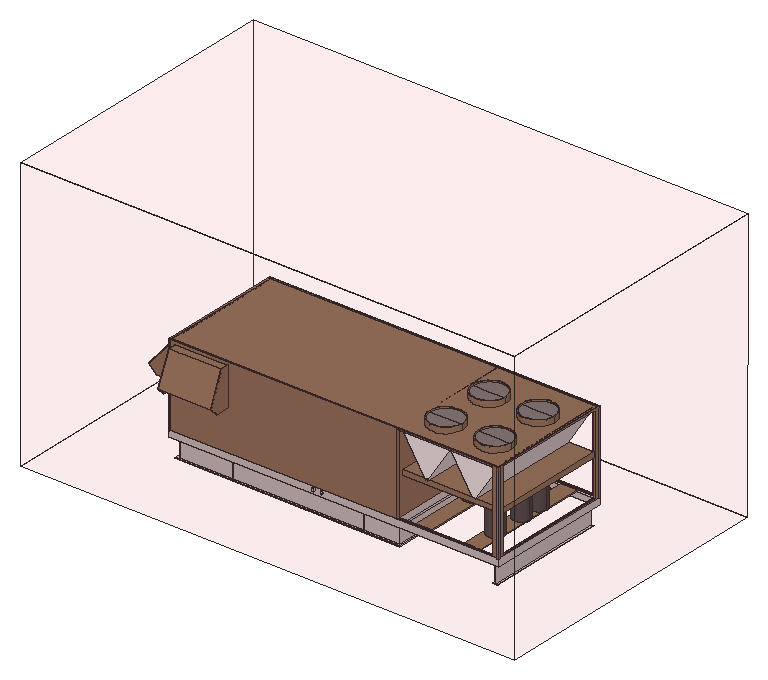
Revit family (continued)
Definition of nested family "Commercial_Comfort_Systems-Series_40-JCI-Unit_Cabinet-End_Return_Bottom_Supply-Hot_Water_Heating"
  Forms (in)
    Extrusion 10, void, detail levels medium+fine
      sketch origin (0, -46, 0) x (-1, 0, 0) y (0, 0, 1)
        loop
          circle (8.49969, 3.0625) r 1.25
      from 0 to 6.46
    Revolve 11, void, detail levels medium+fine
      sketch origin (0, -39.54, 0) x (-1, 0, 0) y (0, 0, 1)
        loop
          line (6.68719, 5.125) -> (6.68719, 0) -> (8.49969, 0) -> (8.49969, 5.125) -> (6.68719, 5.125)
        axis (8.49969, 0) -> (8.49969, 5.125)
      angle from 0 to 360
    Extrusion 12, solid, material "Metal - JCI - Steel - Galvanized - Screen", detail levels fine
      sketch origin (0, 0, 0) x (1, 0, 0) y (0, 1, 0)
        loop
          line (46.18781, 46) -> (46.18781, 45) -> (115.50031, 45) -> (115.50031, 46) -> (46.18781, 46)
        loop
          line (119.00031, 42) -> (119.00031, -42) -> (120.00031, -42) -> (120.00031, 42) -> (119.00031, 42)
        loop
          line (46.18781, -45) -> (46.18781, -46) -> (115.50031, -46) -> (115.50031, -45) -> (46.18781, -45)
      from 5.125 to 63.5
    Revolve 13, void
      sketch origin (0, -34.12109, 0) x (-1, 0, 0) y (0, 0, 1)
        loop
          line (-20.43781, 4.625) -> (-21.43781, 4.625) -> (-21.43781, 0) -> (-20.43781, 0) -> (-20.43781, 4.625)
        axis (-20.43781, 0) -> (-20.43781, 4.625)
      angle from 0 to 360
    Extrusion 14, void
      sketch origin (0, 0, 0) x (1, 0, 0) y (0, 1, 0)
        loop
          circle (27.18781, -38) r 1
        loop
          circle (41.63781, -37.62) r 1
      from 0 to 4.625
  Cuts and joins
    Extrusion 10, Revolve 11, Revolve 13, Extrusion 14 cuts Extrusion 6
  Lines and regions (in)
    Masking region 1
      outline origin (0, 0, 0) x (1, 0, 0) y (0, 1, 0)
        loop
          line (-119.99969, 46) -> (-119.99969, -46) -> (120.00031, -46) -> (120.00031, 46) -> (-119.99969, 46)
    Masking region 2, detail levels medium+fine
      outline origin (0, -45, 0) x (-1, 0, 0) y (0, 0, 1)
        loop
          line (119.99969, 64) -> (-120.00031, 64) -> (-120.00031, 0) -> (119.99969, 0) -> (119.99969, 64)
        loop
          line (-46.18781, 4.625) -> (-46.18781, 63.5) -> (-115.50031, 63.5) -> (-115.50031, 4.625) -> (-46.18781, 4.625)
    Masking region 3, detail levels medium+fine
      outline origin (120.00031, 0, 0) x (0, -1, 0) y (0, 0, 1)
        loop
          line (42, 63.5) -> (-42, 63.5) -> (-42, 5.125) -> (42, 5.125) -> (42, 63.5)
        loop
          line (46, 64) -> (-46, 64) -> (-46, 0) -> (46, 0) -> (46, 64)
    Masking region 4
      outline origin (0.00031, 0, 0) x (0, 1, 0) y (0, 0, 1)
        loop
          line (46, 64) -> (-46, 64) -> (-46, 0) -> (46, 0) -> (46, 64)
    Masking region 5, detail levels coarse
      outline origin (0, 0, 0) x (1, 0, 0) y (0, 0, 1)
        loop
          line (-119.99969, 64) -> (-119.99969, 0) -> (120.00031, 0) -> (120.00031, 64) -> (-119.99969, 64)
    Masking region 6
      outline origin (0, 45, 0) x (-1, 0, 0) y (0, 0, 1)
        loop
          line (-120.00031, 64) -> (-120.00031, 0) -> (119.99969, 0) -> (119.99969, 64) -> (-120.00031, 64)
        loop
          line (-115.50031, 63.5) -> (-115.50031, 5.125) -> (-46.18781, 5.125) -> (-46.18781, 63.5) -> (-115.50031, 63.5)
    Masking region 7, detail levels medium+fine
      outline origin (-119.99969, 0, 0) x (0, -1, 0) y (0, 0, 1)
        loop
          line (-46, 64) -> (-46, 0) -> (46, 0) -> (46, 64) -> (-46, 64)
        loop
          line (-39.5, 62) -> (-39.5, 33.89844) -> (39.5, 33.89844) -> (39.5, 62) -> (-39.5, 62)
    Masking region 8
      outline origin (-119.99969, 0, 0) x (0, -1, 0) y (0, 0, 1)
        loop
          line (-38.1875, 31.14844) -> (-38.1875, 6.25) -> (38.1875, 6.25) -> (38.1875, 31.14844) -> (-38.1875, 31.14844)
    model lines, style "Frame Unit", detail levels coarse
      curve 1: line (-119.99969, 46, 4.625) -> (120.00031, 46, 4.625)
      curve 2: line (120.00031, 46, 4.625) -> (120.00031, -46, 4.625)
      curve 3: line (120.00031, -46, 4.625) -> (-119.99969, -46, 4.625)
      curve 4: line (-119.99969, 46, 4.625) -> (-119.99969, -46, 4.625)
      curve 5: line (-119.99969, 46, 64) -> (120.00031, 46, 64)
      curve 6: line (-119.99969, 46, 64) -> (-119.99969, -46, 64)
      curve 7: line (-119.99969, -46, 64) -> (120.00031, -46, 64)
      curve 8: line (120.00031, 46, 64) -> (120.00031, -46, 64)
      curve 9: line (-119.99969, 46, 64) -> (-119.99969, 46, 0)
      curve 10: line (120.00031, 46, 64) -> (120.00031, 46, 0)
      curve 11: line (-119.99969, -46, 64) -> (-119.99969, -46, 0)
      curve 12: line (120.00031, -46, 64) -> (120.00031, -46, 0)
      curve 13: line (46.18781, -46, 63.5) -> (115.50031, -46, 63.5)
      curve 14: line (46.18781, -46, 63.5) -> (46.18781, -46, 5.125)
      curve 15: line (46.18781, -46, 5.125) -> (115.50031, -46, 5.125)
      curve 16: line (115.50031, -46, 63.5) -> (115.50031, -46, 5.125)
      curve 17: line (46.18781, 46, 63.5) -> (115.50031, 46, 63.5)
      curve 18: line (115.50031, 46, 63.5) -> (115.50031, 46, 5.125)
      curve 19: line (115.50031, 46, 5.125) -> (46.18781, 46, 5.125)
      curve 20: line (46.18781, 46, 5.125) -> (46.18781, 46, 63.5)
      curve 21: line (120.00031, -42, 63.5) -> (120.00031, 42, 63.5)
      curve 22: line (120.00031, -42, 63.5) -> (120.00031, -42, 5.125)
      curve 23: line (120.00031, -42, 5.125) -> (120.00031, 42, 5.125)
      curve 24: line (120.00031, 42, 63.5) -> (120.00031, 42, 5.125)
      curve 25: line (18.18781, 41.5, 0) -> (44.18781, 41.5, 0)
      curve 26: line (18.18781, -30.10938, 0) -> (44.18781, -30.10938, 0)
      curve 27: line (44.18781, 41.5, 0) -> (44.18781, -30.10938, 0)
      curve 28: line (18.18781, -30.10938, 0) -> (18.18781, 41.5, 0)
      curve 29: line (46.18781, 44, 4.625) -> (117.50031, 44, 4.625)
      curve 30: line (117.50031, 44, 4.625) -> (117.50031, -44, 4.625)
      curve 31: line (117.50031, -44, 4.625) -> (46.18781, -44, 4.625)
      curve 32: line (46.18781, -44, 4.625) -> (46.18781, 44, 4.625)
      curve 33: line (-119.99969, 46, 0) -> (120.00031, 46, 0)
      curve 34: line (-119.99969, -46, 0) -> (-119.99969, 46, 0)
      curve 35: line (120.00031, -46, 0) -> (-119.99969, -46, 0)
      curve 36: line (120.00031, 46, 0) -> (120.00031, -46, 0)
      curve 39: line (-119.99969, 38.1875, 31.14844) -> (-119.99969, -38.1875, 31.14844)
      curve 40: line (-119.99969, 38.1875, 6.25) -> (-119.99969, -38.1875, 6.25)
      curve 41: line (-119.99969, 38.1875, 31.14844) -> (-119.99969, 38.1875, 6.25)
      curve 42: line (-119.99969, -38.1875, 31.14844) -> (-119.99969, -38.1875, 6.25)
    symbolic lines, style "Frame Unit", detail levels medium+fine
      curve 37: line (0.00031, -46, 4.625) -> (0.00031, 46, 4.625)
      curve 38: line (-119.99969, 46, 4.625) -> (120.00031, 46, 4.625)
    symbolic lines, style "Frame Unit", detail levels fine
      curve 43: line (46.18781, 0, 35.625) -> (115.50031, 0, 35.625)
      curve 44: line (46.18781, 0, 32) -> (115.50031, 0, 32)
      curve 45: line (119.00031, -42, 35.625) -> (119.00031, 42, 35.625)
      curve 46: line (120.00031, -42, 32) -> (120.00031, 42, 32)
  Dimensions and locks (in)
    "Length": plane 4 "Left of Unit" to plane 5 "Right of Unit"
    equal spacing: plane 7 "Back of Unit", plane 1 "Center (Front/Back)", plane 6 "Front of Unit"
    "Width": plane 7 "Back of Unit" to plane 6 "Front of Unit"
    "Height": plane 8 "Top of Unit" to plane 20 "Base Bottom"
    locked: plane 4 "Left of Unit" to plane 9 "Left Inset" at 1
    locked: plane 10 "Filters and Driers Right" to plane 5 "Right of Unit" at 4.5
    locked: plane 13 "Front Inset" to plane 6 "Front of Unit" at 1
    locked: plane 16 "Back Of Unit Inset" to plane 7 "Back of Unit" at 1
    locked: plane 17 "Right of Unit Inset" to plane 5 "Right of Unit" at 1
    equal spacing: plane 8 "Top of Unit", plane 19 "Center (Elevation)", plane 20 "Base Bottom"
    locked: plane 2 "Bottom of Unit" to plane 20 "Base Bottom" at 4.625
    locked: plane 21 "Open Right" to plane 5 "Right of Unit" at 2.5
    locked: plane 24 "Supply Air Back" to plane 7 "Back of Unit" at 4.5
    locked: plane 25 "Supply Air Front" to plane 24 "Supply Air Back" at 71.60938
    locked: plane 26 "Open Back" to plane 7 "Back of Unit" at 2
    locked: plane 27 "Open Front" to plane 6 "Front of Unit" at 2
    locked: plane 23 "Supply Air Left" to plane 22 "Supply Air Right" at 26
    locked: plane 7 "Back of Unit" to plane 30 "Fan Back" at 30.66667
    locked: plane 8 "Top of Unit" to plane 32 "Exhaust Air Bottom" at 30.10156
    locked: plane 34 "Compressor Acces Front" to plane 6 "Front of Unit" at 4
    locked: plane 35 "Compressor Access Back" to plane 7 "Back of Unit" at 4
    locked: plane 22 "Supply Air Right" to plane 5 "Right of Unit" at 75.8125
    locked: plane 36 "Condenser Base" to plane 19 "Center (Elevation)" at 3.625
    locked: plane 12 "Filters and Driers Left" to Extrusion 8 sketch curve at 1
    equal spacing: Extrusion 9 sketch curve, plane 28 "Right Condenser Fans", Extrusion 9 sketch curve
    locked: Extrusion 9 sketch curve to Extrusion 9 sketch curve at 12  (x2)
    locked: plane 4 "Left of Unit" to plane 37 "Rain Hood Left" at 4.5
    locked: plane 37 "Rain Hood Left" to plane 38 "Rain Hood Right" at 38.58984
    locked: plane 39 "Return Air Bottom" to plane 20 "Base Bottom" at 6.25
    locked: plane 18 "Bottom Inset" to plane 2 "Bottom of Unit" at 0.5
    locked: plane 8 "Top of Unit" to plane 11 "Top Inset" at 0.5
    locked: plane 8 "Top of Unit" to plane 40 "Economizer Top" at 2
    locked: plane 44 "Center of Conection Opening" to plane 20 "Base Bottom" at 3.0625
    locked: plane 45 "Electrical Connection L/R" to plane 5 "Right of Unit" at 128.5
    locked: plane 46 "Electrical Connectio F/B" to plane 6 "Front of Unit" at 6.46
    "Front Electric Connection Radius": Extrusion 10 sketch curve to plane 45 "Electrical Connection L/R"
    "Front Electric Connection Radius": plane 44 "Center of Conection Opening" to Extrusion 10 sketch curve
    "Electric Connection Radius": Revolve 11 sketch curve to Revolve 11 sketch curve
    equal spacing: plane 4 "Left of Unit", plane 3 "Center (Left/Right)", plane 5 "Right of Unit"
    equal spacing: plane 37 "Rain Hood Left", plane 31 "Center of Economizer L/R", plane 38 "Rain Hood Right"
    locked: plane 43 "Return Air Top" to plane 39 "Return Air Bottom" at 24.89844
    locked: plane 22 "Supply Air Right" to plane 12 "Filters and Driers Left" at 2
    plane 28 "Right Condenser Fans" to plane 5 "Right of Unit" = 20 15/32"
    locked: plane 30 "Fan Back" to plane 29 "Fan Front" at 39.31
    equal spacing: Extrusion 9 sketch curve, plane 33 "Left Condenser Fans", Extrusion 9 sketch curve
    locked: plane 33 "Left Condenser Fans" to plane 28 "Right Condenser Fans" at 35.42
    locked: plane 15 "Exhaust Air Back" to plane 7 "Back of Unit" at 6.5
    locked: plane 14 "Exhaust Air Front" to plane 6 "Front of Unit" at 6.5
    equal spacing: plane 41 "Return Air Front", plane 1 "Center (Front/Back)", plane 42 "Return Air Back"
    locked: plane 41 "Return Air Front" to plane 42 "Return Air Back" at 76.375
    locked: plane 23 "Supply Air Left" to plane 48 "Center L/R of Water Inlet" at 2.25
    locked: plane 49 "Water Inlet Center F/B" to plane 6 "Front of Unit" at 11.87891
    "Water Connection Radius": Revolve 13 sketch curve to Revolve 13 sketch curve
    locked: plane 23 "Supply Air Left" to plane 50 "Center L/R of Steam Pipe Inlet" at 9
    locked: plane 51 "Center F/B of Steam Pipe Inlet" to plane 6 "Front of Unit" at 8
    locked: plane 52 "Center L/R of Steam Pipe Outlet" to plane 22 "Supply Air Right" at 2.55
    locked: plane 53 "Center F/B of Steam Pipe Outlet" to plane 6 "Front of Unit" at 8.38
    "Water Connection Radius": plane 50 "Center L/R of Steam Pipe Inlet" to Extrusion 14 sketch curve
    "Water Connection Radius": Extrusion 14 sketch curve to plane 52 "Center L/R of Steam Pipe Outlet"
    "Water Connection Radius": plane 51 "Center F/B of Steam Pipe Inlet" to Extrusion 14 sketch curve
    "Water Connection Radius": Extrusion 14 sketch curve to plane 53 "Center F/B of Steam Pipe Outlet"
    "Front Electric Connection Radius": radius of Extrusion 10 sketch curve
    "Water Connection Radius": radius of Extrusion 14 sketch curve  (x2)
    aligned and locked: plane 12 "Filters and Driers Left" to Extrusion 1 sketch curve
    aligned and locked: Extrusion 1 sketch curve to plane 10 "Filters and Driers Right"
    aligned and locked: Extrusion 1 sketch curve to plane 11 "Top Inset"
    aligned and locked: Extrusion 1 sketch curve to plane 8 "Top of Unit"
    aligned and locked: Extrusion 1 sketch curve to plane 5 "Right of Unit"
    aligned and locked: plane 2 "Bottom of Unit" to Extrusion 1 sketch curve
    aligned and locked: Extrusion 1 sketch curve to plane 4 "Left of Unit"
    aligned and locked: Extrusion 1 to plane 6 "Front of Unit"
    aligned and locked: plane 13 "Front Inset" to Extrusion 1
    aligned and locked: Extrusion 2 sketch curve to plane 8 "Top of Unit"
    aligned and locked: Extrusion 2 sketch curve to plane 11 "Top Inset"
    aligned and locked: plane 6 "Front of Unit" to Extrusion 2 sketch curve
    aligned and locked: plane 2 "Bottom of Unit" to Extrusion 2 sketch curve
    aligned and locked: plane 7 "Back of Unit" to Extrusion 2 sketch curve
    aligned and locked: plane 5 "Right of Unit" to Extrusion 2
    aligned and locked: Extrusion 2 to plane 17 "Right of Unit Inset"
    aligned and locked: Extrusion 3 sketch curve to plane 5 "Right of Unit"
    aligned and locked: Extrusion 3 sketch curve to plane 10 "Filters and Driers Right"
    aligned and locked: Extrusion 3 sketch curve to plane 8 "Top of Unit"
    aligned and locked: Extrusion 3 sketch curve to plane 11 "Top Inset"
    aligned and locked: plane 12 "Filters and Driers Left" to Extrusion 3 sketch curve
    aligned and locked: plane 2 "Bottom of Unit" to Extrusion 3 sketch curve
    aligned and locked: Extrusion 3 sketch curve to plane 4 "Left of Unit"
    aligned and locked: Extrusion 3 to plane 7 "Back of Unit"
    aligned and locked: plane 16 "Back Of Unit Inset" to Extrusion 3
    aligned and locked: Extrusion 4 sketch curve to plane 8 "Top of Unit"
    aligned and locked: plane 14 "Exhaust Air Front" to Extrusion 4 sketch curve
    aligned and locked: plane 15 "Exhaust Air Back" to Extrusion 4 sketch curve
    aligned and locked: plane 7 "Back of Unit" to Extrusion 4 sketch curve
    aligned and locked: plane 6 "Front of Unit" to Extrusion 4 sketch curve
    aligned and locked: plane 2 "Bottom of Unit" to Extrusion 4 sketch curve
    aligned and locked: plane 4 "Left of Unit" to Extrusion 4
    aligned and locked: Extrusion 4 to plane 9 "Left Inset"
    aligned and locked: plane 16 "Back Of Unit Inset" to Extrusion 5 sketch curve
    aligned and locked: Extrusion 5 sketch curve to plane 17 "Right of Unit Inset"
    aligned and locked: Extrusion 5 sketch curve to plane 9 "Left Inset"
    aligned and locked: plane 13 "Front Inset" to Extrusion 5 sketch curve
    aligned and locked: plane 8 "Top of Unit" to Extrusion 5
    aligned and locked: plane 20 "Base Bottom" to level
    aligned and locked: plane 24 "Supply Air Back" to Extrusion 6 sketch curve
    aligned and locked: Extrusion 6 sketch curve to plane 23 "Supply Air Left"
    aligned and locked: Extrusion 6 sketch curve to plane 22 "Supply Air Right"
    aligned and locked: Extrusion 6 sketch curve to plane 25 "Supply Air Front"
    aligned and locked: Extrusion 6 sketch curve to plane 21 "Open Right"
    aligned and locked: plane 12 "Filters and Driers Left" to Extrusion 6 sketch curve
    aligned and locked: plane 7 "Back of Unit" to Extrusion 6 sketch curve
    aligned and locked: Extrusion 6 sketch curve to plane 5 "Right of Unit"
    aligned and locked: plane 6 "Front of Unit" to Extrusion 6 sketch curve
    aligned and locked: Extrusion 6 sketch curve to plane 4 "Left of Unit"
    aligned and locked: Extrusion 6 to plane 20 "Base Bottom"
    aligned and locked: plane 2 "Bottom of Unit" to Extrusion 6
    aligned and locked: plane 26 "Open Back" to Extrusion 6 sketch curve
    aligned and locked: plane 27 "Open Front" to Extrusion 6 sketch curve
    aligned and locked: plane 7 "Back of Unit" to Masking region 1 sketch curve
    aligned and locked: Masking region 1 sketch curve to plane 4 "Left of Unit"
    aligned and locked: Masking region 1 sketch curve to plane 5 "Right of Unit"
    aligned and locked: plane 6 "Front of Unit" to Masking region 1 sketch curve
    aligned and locked: plane 7 "Back of Unit" to curve 2
    aligned and locked: plane 6 "Front of Unit" to curve 2
    aligned and locked: curve 2 to plane 5 "Right of Unit"
    aligned and locked: plane 6 "Front of Unit" to curve 4
    aligned and locked: plane 4 "Left of Unit" to curve 3
    aligned and locked: plane 5 "Right of Unit" to curve 3
    aligned and locked: plane 5 "Right of Unit" to curve 1
    aligned and locked: plane 7 "Back of Unit" to curve 4
    aligned and locked: plane 4 "Left of Unit" to curve 6
    aligned and locked: plane 4 "Left of Unit" to curve 7
    aligned and locked: plane 5 "Right of Unit" to curve 7
    aligned and locked: curve 7 to plane 6 "Front of Unit"
    aligned and locked: plane 6 "Front of Unit" to curve 8
    aligned and locked: plane 4 "Left of Unit" to curve 5
    aligned and locked: plane 5 "Right of Unit" to curve 5
    aligned and locked: plane 7 "Back of Unit" to curve 8
    aligned and locked: plane 6 "Front of Unit" to curve 6
    aligned and locked: plane 8 "Top of Unit" to curve 9
    aligned and locked: plane 20 "Base Bottom" to curve 9
    aligned and locked: plane 20 "Base Bottom" to curve 11
    aligned and locked: plane 8 "Top of Unit" to curve 11
    aligned and locked: plane 4 "Left of Unit" to curve 9
    aligned and locked: plane 4 "Left of Unit" to curve 11
    aligned and locked: plane 20 "Base Bottom" to curve 10
    aligned and locked: plane 20 "Base Bottom" to curve 12
    aligned and locked: plane 8 "Top of Unit" to curve 10
    aligned and locked: plane 8 "Top of Unit" to curve 12
    aligned and locked: curve 10 to plane 5 "Right of Unit"
    aligned and locked: curve 12 to plane 5 "Right of Unit"
    aligned and locked: plane 11 "Top Inset" to curve 16
    aligned and locked: plane 10 "Filters and Driers Right" to curve 13
    aligned and locked: plane 10 "Filters and Driers Right" to curve 15
    aligned and locked: plane 11 "Top Inset" to curve 14
    aligned and locked: plane 12 "Filters and Driers Left" to curve 15
    aligned and locked: plane 12 "Filters and Driers Left" to curve 13
    aligned and locked: curve 15 to curve 16
    aligned and locked: plane 12 "Filters and Driers Left" to curve 17
    aligned and locked: plane 11 "Top Inset" to curve 18
    aligned and locked: curve 17 to plane 11 "Top Inset"
    aligned and locked: plane 10 "Filters and Driers Right" to curve 19
    aligned and locked: plane 12 "Filters and Driers Left" to curve 19
    aligned and locked: plane 11 "Top Inset" to curve 20
    aligned and locked: plane 10 "Filters and Driers Right" to curve 17
    aligned and locked: plane 11 "Top Inset" to curve 22
    aligned and locked: plane 11 "Top Inset" to curve 24
    aligned and locked: plane 26 "Open Back" to curve 30
    aligned and locked: plane 26 "Open Back" to curve 29
    aligned and locked: plane 21 "Open Right" to curve 31
    aligned and locked: plane 12 "Filters and Driers Left" to curve 31
    aligned and locked: plane 27 "Open Front" to curve 31
    aligned and locked: plane 27 "Open Front" to curve 32
    aligned and locked: plane 27 "Open Front" to curve 30
    aligned and locked: plane 21 "Open Right" to curve 29
    aligned and locked: plane 26 "Open Back" to curve 32
    aligned and locked: curve 32 to curve 29
    aligned and locked: plane 22 "Supply Air Right" to curve 25
    aligned and locked: plane 24 "Supply Air Back" to curve 28
    aligned and locked: plane 7 "Back of Unit" to curve 36
    aligned and locked: plane 5 "Right of Unit" to curve 35
    aligned and locked: curve 36 to plane 5 "Right of Unit"
    aligned and locked: plane 6 "Front of Unit" to curve 35
    aligned and locked: plane 6 "Front of Unit" to curve 34
    aligned and locked: plane 7 "Back of Unit" to curve 34
    aligned and locked: curve 34 to plane 4 "Left of Unit"
    aligned and locked: plane 4 "Left of Unit" to curve 33
    aligned and locked: plane 8 "Top of Unit" to Masking region 2 sketch curve
    aligned and locked: plane 5 "Right of Unit" to Masking region 2 sketch curve
    aligned and locked: plane 4 "Left of Unit" to Masking region 2 sketch curve
    aligned and locked: plane 7 "Back of Unit" to curve 37
    aligned and locked: plane 6 "Front of Unit" to curve 37
    aligned and locked: curve 37 to plane 2 "Bottom of Unit"
    aligned and locked: Masking region 2 sketch curve to plane 20 "Base Bottom"
    aligned and locked: plane 5 "Right of Unit" to curve 38
    aligned and locked: plane 4 "Left of Unit" to curve 38
    aligned and locked: curve 38 to plane 2 "Bottom of Unit"
    aligned and locked: plane 18 "Bottom Inset" to Extrusion 3
    aligned and locked: plane 18 "Bottom Inset" to curve 19
    aligned and locked: plane 18 "Bottom Inset" to Extrusion 2
    aligned and locked: curve 23 to plane 18 "Bottom Inset"
    aligned and locked: plane 35 "Compressor Access Back" to Extrusion 2 sketch curve
    aligned and locked: plane 34 "Compressor Acces Front" to Extrusion 2 sketch curve
    aligned and locked: plane 35 "Compressor Access Back" to curve 24
    aligned and locked: plane 32 "Exhaust Air Bottom" to Extrusion 1 sketch curve
    aligned and locked: plane 32 "Exhaust Air Bottom" to Extrusion 3 sketch curve
    aligned and locked: plane 32 "Exhaust Air Bottom" to Extrusion 4 sketch curve
    aligned and locked: plane 12 "Filters and Driers Left" to Extrusion 7 sketch curve
    aligned and locked: plane 19 "Center (Elevation)" to Extrusion 7 sketch curve
    aligned and locked: Extrusion 7 sketch curve to plane 36 "Condenser Base"
    aligned and locked: Extrusion 8 sketch curve to plane 12 "Filters and Driers Left"
    aligned and locked: Extrusion 8 sketch curve to plane 11 "Top Inset"
    aligned and locked: plane 18 "Bottom Inset" to Extrusion 8 sketch curve
    aligned and locked: Extrusion 8 to plane 16 "Back Of Unit Inset"
    aligned and locked: Extrusion 8 to plane 13 "Front Inset"
    aligned and locked: plane 27 "Open Front" to Extrusion 9 sketch curve  (x2)
    aligned and locked: plane 26 "Open Back" to Extrusion 9 sketch curve  (x2)
    aligned and locked: Extrusion 9 to plane 2 "Bottom of Unit"
    aligned and locked: plane 18 "Bottom Inset" to Extrusion 9
    aligned and locked: plane 2 "Bottom of Unit" to Masking region 2 sketch curve
    aligned and locked: plane 12 "Filters and Driers Left" to Masking region 2 sketch curve
    aligned and locked: plane 35 "Compressor Access Back" to curve 21
    aligned and locked: plane 35 "Compressor Access Back" to curve 23
    aligned and locked: plane 34 "Compressor Acces Front" to curve 21
    aligned and locked: plane 34 "Compressor Acces Front" to curve 23
    aligned and locked: plane 18 "Bottom Inset" to curve 24
    aligned and locked: plane 18 "Bottom Inset" to curve 22
    aligned and locked: curve 15 to curve 19
    aligned and locked: curve 13 to curve 17
    aligned and locked: plane 18 "Bottom Inset" to curve 14
    aligned and locked: plane 4 "Left of Unit" to curve 35
    aligned and locked: plane 5 "Right of Unit" to curve 33
    aligned and locked: plane 6 "Front of Unit" to curve 36
    aligned and locked: curve 30 to curve 31
    aligned and locked: plane 7 "Back of Unit" to curve 6
    aligned and locked: plane 34 "Compressor Acces Front" to Masking region 3 sketch curve
    aligned and locked: plane 18 "Bottom Inset" to Masking region 3 sketch curve
    aligned and locked: plane 35 "Compressor Access Back" to Masking region 3 sketch curve
    aligned and locked: Extrusion 1 sketch curve to plane 40 "Economizer Top"
    aligned and locked: Extrusion 3 sketch curve to plane 40 "Economizer Top"
    aligned and locked: Extrusion 5 to plane 11 "Top Inset"
    aligned and locked: plane 40 "Economizer Top" to Extrusion 4 sketch curve
    aligned and locked: Masking region 4 sketch curve to plane 8 "Top of Unit"
    aligned and locked: plane 7 "Back of Unit" to Masking region 4 sketch curve
    aligned and locked: plane 6 "Front of Unit" to Masking region 4 sketch curve
    aligned and locked: plane 20 "Base Bottom" to Masking region 4 sketch curve
    aligned and locked: Extrusion 4 sketch curve to plane 43 "Return Air Top"
    aligned and locked: Extrusion 4 sketch curve to plane 41 "Return Air Front"
    aligned and locked: plane 39 "Return Air Bottom" to Extrusion 4 sketch curve
    aligned and locked: Extrusion 4 sketch curve to plane 42 "Return Air Back"
    aligned and locked: plane 20 "Base Bottom" to Masking region 5 sketch curve
    aligned and locked: Masking region 5 sketch curve to plane 4 "Left of Unit"
    aligned and locked: Masking region 5 sketch curve to plane 5 "Right of Unit"
    aligned and locked: Masking region 5 sketch curve to plane 8 "Top of Unit"
    aligned and locked: Extrusion 10 to plane 6 "Front of Unit"
    aligned and locked: Revolve 11 sketch curve to plane 45 "Electrical Connection L/R"
    aligned and locked: Revolve 11 sketch curve to Revolve 11 sketch curve
    aligned and locked: plane 20 "Base Bottom" to Revolve 11 sketch curve
    aligned and locked: Revolve 11 sketch curve to plane 18 "Bottom Inset"
    aligned and locked: plane 11 "Top Inset" to Masking region 2 sketch curve
    aligned and locked: Masking region 6 to plane 11 "Top Inset"
    aligned and locked: plane 8 "Top of Unit" to Masking region 6
    aligned and locked: Masking region 6 to plane 10 "Filters and Driers Right"
    aligned and locked: plane 12 "Filters and Driers Left" to Masking region 6
    aligned and locked: plane 18 "Bottom Inset" to Masking region 6
    aligned and locked: plane 5 "Right of Unit" to Masking region 6 sketch curve
    aligned and locked: Masking region 6 sketch curve to plane 20 "Base Bottom"
    aligned and locked: plane 4 "Left of Unit" to Masking region 6 sketch curve
    aligned and locked: Extrusion 7 to plane 34 "Compressor Acces Front"
    aligned and locked: Extrusion 7 to plane 35 "Compressor Access Back"
    aligned and locked: Masking region 3 sketch curve to plane 11 "Top Inset"
    aligned and locked: Extrusion 1 sketch curve to plane 37 "Rain Hood Left"
    aligned and locked: plane 38 "Rain Hood Right" to Extrusion 1 sketch curve
    aligned and locked: plane 38 "Rain Hood Right" to Extrusion 3 sketch curve
    aligned and locked: Extrusion 3 sketch curve to plane 37 "Rain Hood Left"
    aligned and locked: plane 43 "Return Air Top" to curve 42
    aligned and locked: plane 39 "Return Air Bottom" to curve 42
    aligned and locked: plane 41 "Return Air Front" to curve 39
    aligned and locked: plane 41 "Return Air Front" to curve 40
    aligned and locked: plane 42 "Return Air Back" to curve 39
    aligned and locked: curve 40 to plane 39 "Return Air Bottom"
    aligned and locked: curve 39 to plane 43 "Return Air Top"
    aligned and locked: plane 39 "Return Air Bottom" to curve 41
    aligned and locked: plane 43 "Return Air Top" to curve 41
    aligned and locked: curve 41 to curve 40
    aligned and locked: plane 22 "Supply Air Right" to curve 26
    aligned and locked: plane 25 "Supply Air Front" to curve 27
    aligned and locked: plane 25 "Supply Air Front" to curve 28
    aligned and locked: plane 23 "Supply Air Left" to curve 26
    aligned and locked: plane 24 "Supply Air Back" to curve 27
    aligned and locked: plane 23 "Supply Air Left" to curve 25
    aligned and locked: plane 12 "Filters and Driers Left" to Extrusion 12 sketch curve  (x2)
    aligned and locked: Extrusion 12 sketch curve to plane 10 "Filters and Driers Right"  (x2)
    aligned and locked: Extrusion 12 sketch curve to plane 13 "Front Inset"
    aligned and locked: plane 6 "Front of Unit" to Extrusion 12 sketch curve
    aligned and locked: plane 34 "Compressor Acces Front" to Extrusion 12 sketch curve
    aligned and locked: plane 17 "Right of Unit Inset" to Extrusion 12 sketch curve
    aligned and locked: Extrusion 12 sketch curve to plane 5 "Right of Unit"
    aligned and locked: plane 35 "Compressor Access Back" to Extrusion 12 sketch curve
    aligned and locked: plane 7 "Back of Unit" to Extrusion 12 sketch curve
    aligned and locked: Extrusion 12 sketch curve to plane 16 "Back Of Unit Inset"
    aligned and locked: Extrusion 12 to plane 18 "Bottom Inset"
    aligned and locked: plane 11 "Top Inset" to Extrusion 12
    aligned and locked: Extrusion 7 sketch curve to plane 17 "Right of Unit Inset"
    aligned and locked: plane 6 "Front of Unit" to Masking region 3 sketch curve
    aligned and locked: Masking region 3 sketch curve to plane 8 "Top of Unit"
    aligned and locked: plane 7 "Back of Unit" to Masking region 3 sketch curve
    aligned and locked: plane 20 "Base Bottom" to Masking region 3 sketch curve
    aligned and locked: Masking region 7 sketch curve to plane 8 "Top of Unit"
    aligned and locked: plane 6 "Front of Unit" to Masking region 7 sketch curve
    aligned and locked: Masking region 7 sketch curve to plane 40 "Economizer Top"
    aligned and locked: plane 14 "Exhaust Air Front" to Masking region 7 sketch curve
    aligned and locked: plane 15 "Exhaust Air Back" to Masking region 7 sketch curve
    aligned and locked: plane 7 "Back of Unit" to Masking region 7 sketch curve
    aligned and locked: plane 32 "Exhaust Air Bottom" to Masking region 7 sketch curve
    aligned and locked: plane 20 "Base Bottom" to Masking region 7 sketch curve
    aligned and locked: Revolve 13 sketch curve to Revolve 13 sketch curve
    aligned and locked: plane 20 "Base Bottom" to Revolve 13 sketch curve
    aligned and locked: Revolve 13 sketch curve to plane 48 "Center L/R of Water Inlet"
    aligned and locked: Extrusion 14 to plane 20 "Base Bottom"
    aligned and locked: plane 2 "Bottom of Unit" to Extrusion 14
    aligned and locked: Revolve 13 sketch curve to plane 2 "Bottom of Unit"
    aligned and locked: plane 12 "Filters and Driers Left" to curve 44
    aligned and locked: plane 12 "Filters and Driers Left" to curve 43
    aligned and locked: plane 10 "Filters and Driers Right" to curve 44
    aligned and locked: plane 10 "Filters and Driers Right" to curve 43
    aligned and locked: curve 44 to plane 19 "Center (Elevation)"
    aligned and locked: curve 43 to plane 36 "Condenser Base"
    aligned and locked: plane 34 "Compressor Acces Front" to curve 46
    aligned and locked: plane 35 "Compressor Access Back" to curve 46
    aligned and locked: curve 46 to plane 19 "Center (Elevation)"
    aligned and locked: curve 45 to plane 36 "Condenser Base"
    aligned and locked: plane 35 "Compressor Access Back" to curve 45
    aligned and locked: plane 34 "Compressor Acces Front" to curve 45
    aligned and locked: Masking region 8 sketch curve to plane 42 "Return Air Back"
    aligned and locked: Masking region 8 sketch curve to plane 43 "Return Air Top"
    aligned and locked: plane 39 "Return Air Bottom" to Masking region 8 sketch curve
    aligned and locked: Masking region 8 sketch curve to plane 41 "Return Air Front"
  Automatic sketch dimensions
    Extrusion 1 sketch curve to plane 18 "Bottom Inset" = 0"
    Extrusion 2 sketch curve to plane 18 "Bottom Inset" = 0"
    Extrusion 3 sketch curve to plane 18 "Bottom Inset" = 0"
    curve 5 to plane 7 "Back of Unit" = 0"
    curve 14 to plane 12 "Filters and Driers Left" = 0"
    Masking region 2 sketch curve to plane 10 "Filters and Driers Right" = 0"
    Revolve 11 sketch curve to level = 241.30534"
    plane 8 "Top of Unit" to Revolve 11 sketch curve = 282.03032"
    Masking region 6 sketch curve to plane 10 "Filters and Driers Right" = 0"
    Masking region 6 sketch curve to plane 11 "Top Inset" = 0"
    Masking region 6 sketch curve to plane 12 "Filters and Driers Left" = 0"
    Masking region 6 sketch curve to plane 18 "Bottom Inset" = 0"
    Masking region 6 sketch curve to plane 8 "Top of Unit" = 0"
    Revolve 13 sketch curve to level = 241.30534"
    plane 8 "Top of Unit" to Revolve 13 sketch curve = 282.03032"
Definition of nested family "Include Clearance"
  Parameters (values of type "Include Clearance")
    Width = 36"
    Height = 36"
    Depth = 36"
    Clearance Top = 6"
    Clearance Right = 6"
    Clearance Material = Clearance
    Clearance Left = 6"
    Clearance Front = 6"
    Clearance Bottom = 6"
    Clearance Back = 6"
    Assembly Code = ""
  Reference planes (in)
    plane 1 "Center (Front/Back)": y = 0
    plane 2 "Bottom": z = 0
    plane 3 "Center (Left/Right)": x = 0
    plane 4 "Clearance Front": y = -24
    plane 5 "Top": z = 36
    plane 6 "Back": y = 18
    plane 7 "Left": x = -18
    plane 8 "Front": y = -18
    plane 9 "Right": x = 18
    plane 10 "Clearance Back": y = 24
    plane 11 "Clearance Left": x = -24
    plane 12 "Clearance Right": x = 24
    plane 13 "Clearance Top": z = 42
    plane 14 "Clearance Bottom": z = -6
  Forms (in)
    Extrusion 1, solid, material "Clearance" <- "Clearance Material"
      sketch origin (0, 0, 36) x (-1, 0, 0) y (0, -1, 0)
        loop
          line (24, -24) -> (24, 24) -> (-24, 24) -> (-24, -24) -> (24, -24)
      from -42 to 6
  Lines and regions (in)
    symbolic lines, style "Clearance"
      curve 1: line (-24, 24, 36) -> (24, 24, 36)
      curve 2: line (-24, -24, 36) -> (-24, 24, 36)
      curve 3: line (24, -24, 36) -> (-24, -24, 36)
      curve 4: line (24, 24, 36) -> (24, -24, 36)
      curve 5: line (-24, 0, 42) -> (24, 0, 42)
      curve 6: line (-24, 0, -6) -> (-24, 0, 42)
      curve 7: line (24, 0, -6) -> (-24, 0, -6)
      curve 8: line (24, 0, 42) -> (24, 0, -6)
      curve 9: line (0, -24, 42) -> (0, 24, 42)
      curve 10: line (0, -24, -6) -> (0, -24, 42)
      curve 11: line (0, 24, -6) -> (0, -24, -6)
      curve 12: line (0, 24, 42) -> (0, 24, -6)
  Dimensions and locks (in)
    "Height": plane 5 "Top" to plane 2 "Bottom"
    "Depth": plane 6 "Back" to plane 8 "Front"
    "Width": plane 7 "Left" to plane 9 "Right"
    equal spacing: plane 7 "Left", plane 3 "Center (Left/Right)", plane 9 "Right"
    equal spacing: plane 6 "Back", plane 1 "Center (Front/Back)", plane 8 "Front"
    "Clearance Bottom": plane 2 "Bottom" to plane 14 "Clearance Bottom"
    "Clearance Top": plane 13 "Clearance Top" to plane 5 "Top"
    "Clearance Left": plane 11 "Clearance Left" to plane 7 "Left"
    "Clearance Right": plane 9 "Right" to plane 12 "Clearance Right"
    "Clearance Back": plane 10 "Clearance Back" to plane 6 "Back"
    "Clearance Front": plane 4 "Clearance Front" to plane 8 "Front"
    aligned and locked: level to plane 2 "Bottom"
    aligned and locked: Extrusion 1 sketch curve to plane 10 "Clearance Back"
    aligned and locked: Extrusion 1 sketch curve to plane 11 "Clearance Left"
    aligned and locked: Extrusion 1 sketch curve to plane 12 "Clearance Right"
    aligned and locked: Extrusion 1 sketch curve to plane 4 "Clearance Front"
    aligned and locked: plane 14 "Clearance Bottom" to Extrusion 1
    aligned and locked: plane 13 "Clearance Top" to Extrusion 1
    aligned and locked: curve 1 to plane 10 "Clearance Back"
    aligned and locked: curve 2 to plane 11 "Clearance Left"
    aligned and locked: curve 4 to plane 12 "Clearance Right"
    aligned and locked: curve 3 to plane 4 "Clearance Front"
    aligned and locked: curve 5 to plane 13 "Clearance Top"
    aligned and locked: curve 6 to plane 11 "Clearance Left"
    aligned and locked: curve 7 to plane 14 "Clearance Bottom"
    aligned and locked: curve 8 to plane 12 "Clearance Right"
    aligned and locked: curve 9 to plane 13 "Clearance Top"
    aligned and locked: curve 11 to plane 14 "Clearance Bottom"
    aligned and locked: curve 12 to plane 10 "Clearance Back"
    aligned and locked: curve 10 to plane 4 "Clearance Front"
Definition of nested family "Commercial_Comfort_Systems-Series_40-JCI-Exhaust_Standard"
  Parameters (values of type "Exhaust")
    Width = 79"  # constant formula
    Material = Paint - JCI - Powder Coated - Champagne
    Height = 29 3/32"
    Depth = 19 77/128"  # constant formula
    Assembly Code = ""
  Reference planes (in)
    plane 1 "Back": y = 0
    plane 2 "Bottom": z = 0
    plane 3 "Center (Left/Right)": x = 0
    plane 4 "Front": y = -19.60156
    plane 5 "Top": z = 29.09375
    plane 6 "Center F/B": y = -13.67156
    plane 7 "Bottom Inset": z = 6
    plane 8 "Right": x = 39.5
    plane 9 "Left": x = -39.5
    plane 10 "Left Inset": x = -39.375
    plane 11 "Right Inset": x = 39.375
    plane 12 "Top Inset": z = 28.90625
    plane 13 "Front Inset": y = -19.35156
    plane 14 "Center (Elevation)": z = 14.54687
  Forms (in)
    Extrusion 1, solid, material "Paint - JCI - Powder Coated - Champagne" <- "Material", detail levels fine
      sketch origin (0, 0, 0) x (0, 1, 0) y (0, 0, 1)
        loop
          line (0, 29.09375) -> (-19.60156, 6) -> (-13.67156, 0) -> (0, 0) -> (0, 29.09375)
      from 39.375 to 39.5
    Extrusion 2, solid, material "Paint - JCI - Powder Coated - Champagne" <- "Material", detail levels fine
      sketch origin (0, 0, 0) x (0, 1, 0) y (0, 0, 1)
        loop
          line (0, 29.09375) -> (-19.60156, 6) -> (-13.67156, 0) -> (0, 0) -> (0, 29.09375)
      from -39.5 to -39.375
    Extrusion 3, solid, material "Paint - JCI - Powder Coated - Champagne" <- "Material", detail levels fine
      sketch origin (0, 0, 0) x (0, 1, 0) y (0, 0, 1)
        loop
          line (0, 29.09375) -> (-19.60156, 6) -> (-19.35156, 6) -> (0, 28.90625) -> (0, 29.09375)
      from -39.375 to 39.375
  Lines and regions (in)
    Masking region 1, detail levels medium+fine
      outline origin (0, 0, 0) x (0, 1, 0) y (0, 0, 1)
        loop
          line (0, 29.09375) -> (-19.60156, 6) -> (-13.67156, 0) -> (0, 0) -> (0, 29.09375)
    Masking region 2, detail levels fine
      outline origin (0, -13.67156, 0) x (0, 0, -1) y (1, 0, 0)
        loop
          line (-29.09375, -39.5) -> (0, -39.5) -> (0, 39.5) -> (-29.09375, 39.5) -> (-29.09375, -39.5)
    Masking region 3, detail levels fine
      outline origin (0, 0, 0) x (1, 0, 0) y (0, 1, 0)
        loop
          line (-39.5, 0) -> (-39.5, -19.60156) -> (39.5, -19.60156) -> (39.5, 0) -> (-39.5, 0)
    symbolic lines, style "Rain Hood", detail levels fine
      curve 1: line (-39.5, 0, 6) -> (39.5, 0, 6)
      curve 2: line (-39.5, -13.67156, 0) -> (39.5, -13.67156, 0)
    model lines, detail levels medium
      curve 3: line (39.5, 0, 29.09375) -> (39.5, 0, 0)
      curve 4: line (39.5, 0, 29.09375) -> (39.5, -19.60156, 6)
      curve 5: line (39.5, -13.67156, 0) -> (39.5, 0, 0)
      curve 6: line (-39.5, 0, 29.09375) -> (-39.5, 0, 0)
      curve 7: line (-39.5, 0, 0) -> (-39.5, -13.67156, 0)
      curve 8: line (-39.5, 0, 29.09375) -> (-39.5, -19.60156, 6)
      curve 9: line (-39.5, -13.67156, 0) -> (-39.5, -19.60156, 6)
      curve 10: line (39.5, -19.60156, 6) -> (39.5, -13.67156, 0)
    model lines, style "Rain Hood", detail levels medium
      curve 11: line (-39.5, 0, 29.09375) -> (39.5, 0, 29.09375)
      curve 12: line (-39.5, 0, 0) -> (39.5, 0, 0)
      curve 13: line (-39.5, -19.60156, 6) -> (39.5, -19.60156, 6)
  Dimensions and locks (in)
    "Depth": plane 4 "Front" to plane 1 "Back"
    "Height": plane 5 "Top" to plane 2 "Bottom"
    locked: plane 4 "Front" to plane 6 "Center F/B" at 5.93
    locked: plane 7 "Bottom Inset" to plane 2 "Bottom" at 6
    locked: plane 11 "Right Inset" to plane 8 "Right" at 0.125
    locked: plane 10 "Left Inset" to plane 9 "Left" at 0.125
    "Width": plane 8 "Right" to plane 9 "Left"
    equal spacing: plane 8 "Right", plane 3 "Center (Left/Right)", plane 9 "Left"
    locked: plane 5 "Top" to plane 12 "Top Inset" at 0.1875
    locked: plane 4 "Front" to plane 13 "Front Inset" at 0.25
    equal spacing: plane 5 "Top", plane 14 "Center (Elevation)", plane 2 "Bottom"
    aligned and locked: level to plane 2 "Bottom"
    aligned and locked: plane 4 "Front" to Extrusion 1 sketch curve
    aligned and locked: plane 7 "Bottom Inset" to Extrusion 1 sketch curve
    aligned and locked: plane 6 "Center F/B" to Extrusion 1 sketch curve
    aligned and locked: Extrusion 1 sketch curve to plane 2 "Bottom"
    aligned and locked: Extrusion 1 sketch curve to plane 1 "Back"
    aligned and locked: plane 5 "Top" to Extrusion 1 sketch curve
    aligned and locked: Extrusion 1 to plane 8 "Right"
    aligned and locked: plane 11 "Right Inset" to Extrusion 1
    aligned and locked: plane 2 "Bottom" to Extrusion 2 sketch curve
    aligned and locked: plane 6 "Center F/B" to Extrusion 2 sketch curve
    aligned and locked: plane 7 "Bottom Inset" to Extrusion 2 sketch curve
    aligned and locked: plane 4 "Front" to Extrusion 2 sketch curve
    aligned and locked: Extrusion 2 sketch curve to plane 1 "Back"
    aligned and locked: Extrusion 2 sketch curve to plane 2 "Bottom"
    aligned and locked: plane 10 "Left Inset" to Extrusion 2
    aligned and locked: Extrusion 2 to plane 9 "Left"
    aligned and locked: plane 7 "Bottom Inset" to Extrusion 3 sketch curve
    aligned and locked: plane 4 "Front" to Extrusion 3 sketch curve
    aligned and locked: plane 13 "Front Inset" to Extrusion 3 sketch curve
    aligned and locked: Extrusion 3 sketch curve to plane 7 "Bottom Inset"
    aligned and locked: Extrusion 3 to plane 11 "Right Inset"
    aligned and locked: Extrusion 3 to plane 10 "Left Inset"
    aligned and locked: plane 7 "Bottom Inset" to Masking region 1 sketch curve
    aligned and locked: plane 4 "Front" to Masking region 1 sketch curve
    aligned and locked: plane 6 "Center F/B" to Masking region 1 sketch curve
    aligned and locked: plane 2 "Bottom" to Masking region 1 sketch curve
    aligned and locked: Masking region 2 sketch curve to plane 5 "Top"
    aligned and locked: plane 9 "Left" to Masking region 2 sketch curve
    aligned and locked: plane 2 "Bottom" to Masking region 2 sketch curve
    aligned and locked: plane 8 "Right" to Masking region 2 sketch curve
    aligned and locked: curve 1 to plane 7 "Bottom Inset"
    aligned and locked: plane 9 "Left" to curve 1
    aligned and locked: plane 8 "Right" to curve 1
    aligned and locked: Masking region 3 sketch curve to plane 4 "Front"
    aligned and locked: plane 8 "Right" to Masking region 3 sketch curve
    aligned and locked: plane 1 "Back" to Masking region 3 sketch curve
    aligned and locked: Masking region 3 sketch curve to plane 9 "Left"
    aligned and locked: plane 8 "Right" to curve 2
    aligned and locked: plane 9 "Left" to curve 2
    aligned and locked: plane 1 "Back" to Extrusion 1 sketch curve
    aligned and locked: Extrusion 1 to Extrusion 3 sketch curve
    aligned and locked: plane 1 "Back" to Extrusion 3 sketch curve
    aligned and locked: plane 5 "Top" to Extrusion 3 sketch curve
    aligned and locked: plane 5 "Top" to Extrusion 2 sketch curve
    aligned and locked: plane 1 "Back" to Masking region 1 sketch curve
    aligned and locked: plane 5 "Top" to Masking region 1 sketch curve
    aligned and locked: plane 6 "Center F/B" to curve 2
    aligned and locked: plane 4 "Front" to curve 4
    aligned and locked: plane 7 "Bottom Inset" to curve 8
    aligned and locked: plane 2 "Bottom" to curve 9
    aligned and locked: plane 4 "Front" to curve 9
    aligned and locked: plane 7 "Bottom Inset" to curve 10
    aligned and locked: plane 6 "Center F/B" to curve 7
    aligned and locked: plane 1 "Back" to curve 7
    aligned and locked: curve 5 to plane 2 "Bottom"
    aligned and locked: plane 2 "Bottom" to curve 3
    aligned and locked: plane 5 "Top" to curve 3
    aligned and locked: plane 1 "Back" to curve 6
    aligned and locked: curve 10 to curve 9
    aligned and locked: plane 2 "Bottom" to curve 6
    aligned and locked: plane 6 "Center F/B" to curve 5
    aligned and locked: plane 1 "Back" to curve 4
    aligned and locked: plane 5 "Top" to curve 8
    aligned and locked: plane 1 "Back" to curve 5
    aligned and locked: plane 5 "Top" to curve 6
    aligned and locked: plane 8 "Right" to curve 11
    aligned and locked: plane 8 "Right" to curve 13
    aligned and locked: plane 8 "Right" to curve 12
    aligned and locked: plane 9 "Left" to curve 11
    aligned and locked: plane 9 "Left" to curve 12
    aligned and locked: plane 9 "Left" to curve 13
    aligned and locked: curve 11 to plane 5 "Top"
    aligned and locked: curve 13 to plane 7 "Bottom Inset"
    aligned and locked: curve 12 to plane 2 "Bottom"
  Automatic sketch dimensions
    Extrusion 3 sketch curve to plane 12 "Top Inset" = 0"
Definition of nested family "Commercial_Comfort_Systems-Series_40-JCI-Economizer_Hood"
  Parameters (values of type "Economizer")
    Width = 38 151/256"
    Material = Paint - JCI - Powder Coated - Brown
    Height = 28 3/32"  # constant formula
    Economizer Hood [instance] = no
    Depth = 15 119/128"  # constant formula
    Cap [instance] = not(Economizer Hood)  # yes
    Assembly Code = ""
  Reference planes (in)
    plane 1 "Back": y = 0
    plane 2 "Bottom": z = 0
    plane 3 "Center (Left/Right)": x = 0
    plane 4 "Front": y = -15.92969
    plane 5 "Top": z = 28.09375
    plane 6 "Center F/B": y = -9.99969
    plane 7 "Back Inset": y = -5.99219
    plane 8 "Bottom Inset": z = 6
    plane 9 "Right": x = 19.29492
    plane 10 "Left": x = -19.29492
    plane 11 "Left Inset": x = -19.16992
    plane 12 "Right Inset": x = 19.16992
    plane 13 "Top Inset": z = 27.90625
    plane 14 "Front Inset": y = -15.67969
    plane 15 "Center (Elevation)": z = 14.04687
    plane 16 "Cap Back": y = 1
  Forms (in)
    Extrusion 1, solid, material "Paint - JCI - Powder Coated - Brown" <- "Material", visible <- "Economizer Hood", detail levels fine
      sketch origin (0, 0, 0) x (0, 1, 0) y (0, 0, 1)
        loop
          line (-5.99219, 28.09375) -> (-15.92969, 6) -> (-9.99969, 0) -> (0, 0) -> (0, 28.09375) -> (-5.99219, 28.09375)
      from 19.16992 to 19.29492
    Extrusion 2, solid, material "Paint - JCI - Powder Coated - Brown" <- "Material", visible <- "Economizer Hood", detail levels fine
      sketch origin (0, 0, 0) x (0, 1, 0) y (0, 0, 1)
        loop
          line (0, 28.09375) -> (-5.99219, 28.09375) -> (-15.92969, 6) -> (-9.99969, 0) -> (0, 0) -> (0, 28.09375)
      from -19.29492 to -19.16992
    Extrusion 3, solid, material "Paint - JCI - Powder Coated - Brown" <- "Material", visible <- "Economizer Hood", detail levels fine
      sketch origin (0, 0, 0) x (0, 1, 0) y (0, 0, 1)
        loop
          line (-5.99219, 28.09375) -> (-15.92969, 6) -> (-15.67969, 6) -> (-5.99219, 27.90625) -> (0, 27.90625) -> (0, 28.09375) -> (-5.99219, 28.09375)
      from -19.16992 to 19.16992
    Extrusion 4, solid, material "Paint - JCI - Powder Coated - Brown" <- "Material", visible <- "Cap", detail levels fine
      sketch origin (0, 0, 0) x (1, 0, 0) y (0, 1, 0)
        loop
          line (-19.29492, 1) -> (-19.29492, 0) -> (19.29492, 0) -> (19.29492, 1) -> (-19.29492, 1)
      from 0 to 28.09375
  Lines and regions (in)
    Masking region 1, detail levels medium+fine
      outline origin (0, 0, 0) x (0, 1, 0) y (0, 0, 1)
        loop
          line (-5.99219, 28.09375) -> (-15.92969, 6) -> (-9.99969, 0) -> (0, 0) -> (0, 28.09375) -> (-5.99219, 28.09375)
    Masking region 2, detail levels medium+fine
      outline origin (0, -9.99969, 0) x (0, 0, -1) y (1, 0, 0)
        loop
          line (-28.09375, -19.29492) -> (0, -19.29492) -> (0, 19.29492) -> (-28.09375, 19.29492) -> (-28.09375, -19.29492)
    Masking region 3, detail levels fine
      outline origin (0, 0, 0) x (1, 0, 0) y (0, 1, 0)
        loop
          line (-19.29492, 0) -> (-19.29492, -15.92969) -> (19.29492, -15.92969) -> (19.29492, 0) -> (-19.29492, 0)
    symbolic lines, style "Rain Hood", detail levels fine
      curve 1: line (-19.29492, 0, 6) -> (19.29492, 0, 6)
    model lines, style "Rain Hood", visible <- "Economizer Hood", detail levels medium
      curve 2: line (19.29492, -5.99219, 28.09375) -> (19.29492, 0, 28.09375)
      curve 3: line (19.29492, 0, 28.09375) -> (19.29492, 0, 0)
      curve 4: line (19.29492, -5.99219, 28.09375) -> (19.29492, -15.92969, 6)
      curve 5: line (19.29492, -9.99969, 0) -> (19.29492, 0, 0)
      curve 6: line (-19.29492, -5.99219, 28.09375) -> (-19.29492, -15.92969, 6)
      curve 7: line (-19.29492, -5.99219, 28.09375) -> (-19.29492, 0, 28.09375)
      curve 8: line (-19.29492, 0, 28.09375) -> (-19.29492, 0, 0)
      curve 9: line (-19.29492, -9.99969, 0) -> (-19.29492, 0, 0)
      curve 10: line (19.29492, -9.99969, 0) -> (19.29492, -15.92969, 6)
      curve 11: line (-19.29492, -9.99969, 0) -> (-19.29492, -15.92969, 6)
      curve 12: line (-19.29492, 0, 28.09375) -> (19.29492, 0, 28.09375)
      curve 13: line (-19.29492, -5.99219, 28.09375) -> (19.29492, -5.99219, 28.09375)
      curve 14: line (-19.29492, 0, 0) -> (19.29492, 0, 0)
      curve 15: line (-19.29492, -15.92969, 6) -> (19.29492, -15.92969, 6)
    model lines, visible <- "Cap", detail levels medium
      curve 16: line (-19.29492, 0, 28.09375) -> (-19.29492, 1, 28.09375)
      curve 17: line (19.29492, 0, 28.09375) -> (19.29492, 1, 28.09375)
      curve 18: line (-19.29492, 1, 28.09375) -> (19.29492, 1, 28.09375)
      curve 19: line (19.29492, 1, 28.09375) -> (19.29492, 1, 0)
      curve 20: line (19.29492, 1, 0) -> (-19.29492, 1, 0)
      curve 21: line (-19.29492, 1, 28.09375) -> (-19.29492, 1, 0)
      curve 22: line (-19.29492, 1, 0) -> (-19.29492, 0, 0)
      curve 23: line (19.29492, 1, 0) -> (19.29492, 0, 0)
  Dimensions and locks (in)
    "Depth": plane 4 "Front" to plane 1 "Back"
    "Height": plane 5 "Top" to plane 2 "Bottom"
    locked: plane 4 "Front" to plane 7 "Back Inset" at 9.9375
    locked: plane 4 "Front" to plane 6 "Center F/B" at 5.93
    locked: plane 8 "Bottom Inset" to plane 2 "Bottom" at 6
    locked: plane 12 "Right Inset" to plane 9 "Right" at 0.125
    locked: plane 11 "Left Inset" to plane 10 "Left" at 0.125
    "Width": plane 9 "Right" to plane 10 "Left"
    equal spacing: plane 9 "Right", plane 3 "Center (Left/Right)", plane 10 "Left"
    locked: plane 5 "Top" to plane 13 "Top Inset" at 0.1875
    locked: plane 4 "Front" to plane 14 "Front Inset" at 0.25
    equal spacing: plane 5 "Top", plane 15 "Center (Elevation)", plane 2 "Bottom"
    locked: plane 1 "Back" to plane 16 "Cap Back" at 1
    aligned and locked: level to plane 2 "Bottom"
    aligned and locked: plane 4 "Front" to Extrusion 1 sketch curve
    aligned and locked: plane 8 "Bottom Inset" to Extrusion 1 sketch curve
    aligned and locked: plane 6 "Center F/B" to Extrusion 1 sketch curve
    aligned and locked: Extrusion 1 sketch curve to plane 2 "Bottom"
    aligned and locked: Extrusion 1 sketch curve to plane 1 "Back"
    aligned and locked: plane 5 "Top" to Extrusion 1 sketch curve  (x2)
    aligned and locked: plane 7 "Back Inset" to Extrusion 1 sketch curve
    aligned and locked: Extrusion 1 to plane 9 "Right"
    aligned and locked: plane 12 "Right Inset" to Extrusion 1
    aligned and locked: plane 2 "Bottom" to Extrusion 2 sketch curve
    aligned and locked: plane 6 "Center F/B" to Extrusion 2 sketch curve
    aligned and locked: plane 8 "Bottom Inset" to Extrusion 2 sketch curve
    aligned and locked: plane 5 "Top" to Extrusion 2 sketch curve
    aligned and locked: plane 4 "Front" to Extrusion 2 sketch curve
    aligned and locked: plane 7 "Back Inset" to Extrusion 2 sketch curve
    aligned and locked: Extrusion 2 sketch curve to plane 5 "Top"
    aligned and locked: Extrusion 2 sketch curve to plane 1 "Back"
    aligned and locked: Extrusion 2 sketch curve to plane 2 "Bottom"
    aligned and locked: plane 11 "Left Inset" to Extrusion 2
    aligned and locked: Extrusion 2 to plane 10 "Left"
    aligned and locked: plane 8 "Bottom Inset" to Extrusion 3 sketch curve
    aligned and locked: plane 13 "Top Inset" to Extrusion 3 sketch curve  (x2)
    aligned and locked: plane 4 "Front" to Extrusion 3 sketch curve
    aligned and locked: plane 14 "Front Inset" to Extrusion 3 sketch curve
    aligned and locked: Extrusion 3 sketch curve to plane 8 "Bottom Inset"
    aligned and locked: plane 7 "Back Inset" to Extrusion 3 sketch curve  (x2)
    aligned and locked: plane 1 "Back" to Extrusion 3 sketch curve
    aligned and locked: Extrusion 3 sketch curve to plane 5 "Top"
    aligned and locked: Extrusion 3 to plane 12 "Right Inset"
    aligned and locked: Extrusion 3 to plane 11 "Left Inset"
    aligned and locked: plane 8 "Bottom Inset" to Masking region 1 sketch curve
    aligned and locked: plane 4 "Front" to Masking region 1 sketch curve
    aligned and locked: plane 5 "Top" to Masking region 1 sketch curve
    aligned and locked: plane 6 "Center F/B" to Masking region 1 sketch curve
    aligned and locked: plane 7 "Back Inset" to Masking region 1 sketch curve
    aligned and locked: plane 2 "Bottom" to Masking region 1 sketch curve
    aligned and locked: plane 1 "Back" to Masking region 1 sketch curve
    aligned and locked: Masking region 2 sketch curve to plane 5 "Top"
    aligned and locked: plane 10 "Left" to Masking region 2 sketch curve
    aligned and locked: plane 2 "Bottom" to Masking region 2 sketch curve
    aligned and locked: plane 9 "Right" to Masking region 2 sketch curve
    aligned and locked: curve 1 to plane 8 "Bottom Inset"
    aligned and locked: plane 10 "Left" to curve 1
    aligned and locked: plane 9 "Right" to curve 1
    aligned and locked: Masking region 3 sketch curve to plane 4 "Front"
    aligned and locked: plane 9 "Right" to Masking region 3 sketch curve
    aligned and locked: plane 1 "Back" to Masking region 3 sketch curve
    aligned and locked: plane 10 "Left" to Masking region 3 sketch curve
    aligned and locked: curve 2 to plane 5 "Top"
    aligned and locked: curve 7 to plane 5 "Top"
    aligned and locked: plane 5 "Top" to curve 3
    aligned and locked: plane 5 "Top" to curve 8
    aligned and locked: plane 2 "Bottom" to curve 3
    aligned and locked: plane 2 "Bottom" to curve 8
    aligned and locked: plane 1 "Back" to curve 3
    aligned and locked: plane 1 "Back" to curve 8
    aligned and locked: plane 1 "Back" to curve 9
    aligned and locked: plane 1 "Back" to curve 5
    aligned and locked: plane 6 "Center F/B" to curve 9
    aligned and locked: curve 5 to plane 2 "Bottom"
    aligned and locked: plane 7 "Back Inset" to curve 4
    aligned and locked: plane 8 "Bottom Inset" to curve 4
    aligned and locked: plane 4 "Front" to curve 6
    aligned and locked: plane 4 "Front" to curve 10
    aligned and locked: plane 6 "Center F/B" to curve 10
    aligned and locked: plane 8 "Bottom Inset" to curve 11
    aligned and locked: plane 2 "Bottom" to curve 11
    aligned and locked: plane 7 "Back Inset" to curve 7
    aligned and locked: plane 6 "Center F/B" to curve 5
    aligned and locked: plane 7 "Back Inset" to curve 2
    aligned and locked: plane 1 "Back" to curve 2
    aligned and locked: plane 1 "Back" to curve 7
    aligned and locked: plane 9 "Right" to curve 12
    aligned and locked: plane 9 "Right" to curve 13
    aligned and locked: plane 10 "Left" to curve 12
    aligned and locked: plane 10 "Left" to curve 13
    aligned and locked: curve 12 to plane 5 "Top"
    aligned and locked: curve 13 to plane 5 "Top"
    aligned and locked: plane 9 "Right" to curve 14
    aligned and locked: plane 9 "Right" to curve 15
    aligned and locked: plane 10 "Left" to curve 14
    aligned and locked: plane 10 "Left" to curve 15
    aligned and locked: curve 14 to plane 2 "Bottom"
    aligned and locked: curve 15 to plane 8 "Bottom Inset"
    aligned and locked: plane 5 "Top" to Extrusion 1
    aligned and locked: Extrusion 3 to plane 13 "Top Inset"  (x5)
    aligned and locked: plane 5 "Top" to Extrusion 3
    aligned and locked: plane 5 "Top" to Extrusion 2
    aligned and locked: plane 5 "Top" to Masking region 1
    aligned and locked: plane 10 "Left" to Extrusion 4 sketch curve
    aligned and locked: plane 16 "Cap Back" to Extrusion 4 sketch curve
    aligned and locked: Extrusion 4 sketch curve to plane 1 "Back"
    aligned and locked: plane 9 "Right" to Extrusion 4 sketch curve
    aligned and locked: plane 5 "Top" to Extrusion 4
    aligned and locked: Extrusion 4 to plane 2 "Bottom"
    aligned and locked: plane 1 "Back" to curve 12  (x2)
    aligned and locked: curve 17 to plane 9 "Right"
    aligned and locked: plane 16 "Cap Back" to Extrusion 4
    aligned and locked: plane 16 "Cap Back" to curve 18
    aligned and locked: plane 10 "Left" to curve 18
    aligned and locked: plane 9 "Right" to curve 18
    aligned and locked: curve 19 to plane 9 "Right"
    aligned and locked: plane 5 "Top" to curve 19
    aligned and locked: curve 20 to plane 2 "Bottom"
    aligned and locked: plane 9 "Right" to curve 20
    aligned and locked: plane 10 "Left" to curve 20
    aligned and locked: plane 10 "Left" to curve 21
    aligned and locked: plane 5 "Top" to curve 21
    aligned and locked: plane 2 "Bottom" to curve 21
    aligned and locked: plane 16 "Cap Back" to curve 22
    aligned and locked: plane 1 "Back" to curve 22
    aligned and locked: curve 22 to plane 10 "Left"
    aligned and locked: plane 16 "Cap Back" to curve 23
    aligned and locked: plane 1 "Back" to curve 23
    aligned and locked: plane 9 "Right" to curve 23
  Automatic sketch dimensions
    curve 17 to plane 1 "Back" = 0"
    curve 16 to plane 1 "Back" = 0"
Definition of nested family "Commercial_Comfort_Systems-Series_40-JCI-Condenser_Coil"
  Parameters (values of type "Condenser_Coil")
    Width = 67"
    Thickness = 2"
    Material = none
    Height = 27 3/8"
    Depth = 84"
    Condenser Material = Metal - JCI - Aluminum - Perforated - Micro Channel
    Assembly Code = ""
  Reference planes (in)
    plane 1 "Center (Front/Back)": y = 0
    plane 2 "Bottom": z = 0
    plane 3 "Center (Left/Right)": x = 0
    plane 4: x = -33.5
    plane 5 "Right": x = 33.5
    plane 6 "Top": z = 27.375
    plane 7 "Front": y = -42
    plane 8 "Back": y = 42
    plane 9: x = -16.75
    plane 10: x = 16.75
    plane 11: x = 17.75
    plane 12: x = 15.75
    plane 13: x = 1
    plane 14: x = -1
    plane 15: x = -15.75
    plane 16: x = -17.75
    plane 17: x = 32.5
    plane 18: x = 34.5
    plane 19: x = -34.5
    plane 20: x = -32.5
    plane 21 "Top Inset": z = 26.375
    plane 22 "Bottom Inset": z = 1
    plane 23 "Top of Angle": z = 24.86007
  Forms (in)
    Extrusion 1, solid, material "Metal - JCI - Aluminum - Perforated - Micro Channel" <- "Condenser Material", detail levels fine
      sketch origin (0, 0, 0) x (1, 0, 0) y (0, 0, 1)
        loop
          line (34.5, 26.375) -> (34.5, 27.375) -> (-34.5, 27.375) -> (-34.5, 26.375) -> (-17.75, 1) -> (-15.75, 1) -> (0, 24.86007) -> (15.75, 1) -> (17.75, 1) -> (34.5, 26.375)
      from -42 to 42
  Lines and regions (in)
    Masking region 1, detail levels fine
      outline origin (0, 0, 0) x (1, 0, 0) y (0, 1, 0)
        loop
          line (-34.5, 42) -> (-34.5, -42) -> (34.5, -42) -> (34.5, 42) -> (-34.5, 42)
    Masking region 2, detail levels fine
      outline origin (0, 0, 0) x (1, 0, 0) y (0, 0, 1)
        loop
          line (-34.5, 27.375) -> (-34.5, 26.375) -> (-17.75, 1) -> (-17.75, 0) -> (-15.75, 0) -> (-15.75, 1) -> (0, 24.86007) -> (15.75, 1) -> (15.75, 0) -> (17.75, 0) -> (17.75, 1) -> (34.5, 26.375) -> (34.5, 27.375) -> (-34.5, 27.375)
    Masking region 3, detail levels fine
      outline origin (0, 0, 0) x (0, 1, 0) y (0, 0, 1)
        loop
          line (-42, 27.375) -> (-42, 0) -> (42, 0) -> (42, 27.375) -> (-42, 27.375)
    model lines, detail levels medium
      curve 1: line (-34.5, -42, 27.375) -> (34.5, -42, 27.375)
      curve 2: line (-17.75, -42, 1) -> (-15.75, -42, 1)
      curve 3: line (15.75, -42, 1) -> (17.75, -42, 1)
      curve 4: line (-34.5, -42, 27.375) -> (-34.5, -42, 26.375)
      curve 5: line (34.5, -42, 27.375) -> (34.5, -42, 26.375)
      curve 6: line (-34.5, 42, 27.375) -> (34.5, 42, 27.375)
      curve 7: line (34.5, 42, 27.375) -> (34.5, 42, 26.375)
      curve 8: line (-34.5, 42, 27.375) -> (-34.5, 42, 26.375)
      curve 9: line (-17.75, 42, 1) -> (-15.75, 42, 1)
      curve 10: line (15.75, 42, 1) -> (17.75, 42, 1)
    model lines, style "Condenser Coil", detail levels medium
      curve 11: line (34.5, 42, 26.375) -> (17.75, 42, 1)
      curve 12: line (0, 42, 24.86007) -> (15.75, 42, 1)
      curve 13: line (-34.5, 42, 26.375) -> (-17.75, 42, 1)
      curve 14: line (0, 42, 24.86007) -> (-15.75, 42, 1)
      curve 15: line (34.5, -42, 26.375) -> (17.75, -42, 1)
      curve 16: line (0, -42, 24.86007) -> (15.75, -42, 1)
      curve 17: line (0, -42, 24.86007) -> (-15.75, -42, 1)
      curve 18: line (-34.5, -42, 26.375) -> (-17.75, -42, 1)
      curve 19: line (34.5, 42, 27.375) -> (34.5, -42, 27.375)
      curve 20: line (-34.5, 42, 27.375) -> (-34.5, -42, 27.375)
